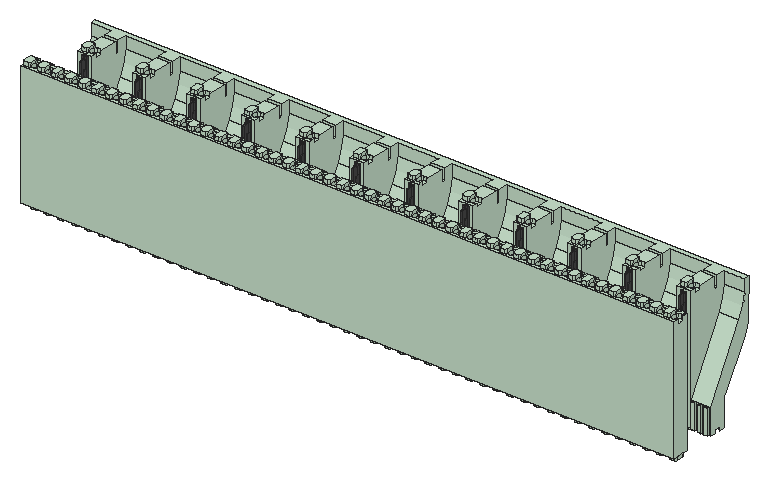
Revit family (continued)
Definition of nested family "NUDURA Logo Diamond"
  Lines and regions (mm)
    model lines
      curve 32: line (300.245, 0, 413.611) -> (291.265, 0, 404.63)
      curve 33: line (318.205, 0, 404.63) -> (309.225, 0, 413.611)
      curve 34: line (309.225, 0, 386.67) -> (318.205, 0, 395.65)
      curve 35: line (291.265, 0, 395.65) -> (300.245, 0, 386.67)
      curve 36: arc (289.468, 0, 406.426) -> (286.865, 0, 400.14) -> (289.468, 0, 393.854) r 8.89
      curve 37: arc (291.265, 0, 404.63) -> (289.405, 0, 400.14) -> (291.265, 0, 395.65) r 6.35
      curve 38: arc (318.205, 0, 404.63) -> (320.065, 0, 400.14) -> (318.205, 0, 395.65) r 6.35
      curve 39: arc (309.225, 0, 386.67) -> (304.735, 0, 384.81) -> (300.245, 0, 386.67) r 6.35
      curve 40: arc (300.245, 0, 413.611) -> (304.735, 0, 415.471) -> (309.225, 0, 413.611) r 6.35
      curve 41: arc (320.001, 0, 406.426) -> (322.605, 0, 400.14) -> (320.001, 0, 393.854) r 8.89
      curve 42: line (295.497, 0, 412.455) -> (289.468, 0, 406.426)
      curve 43: line (320.001, 0, 406.426) -> (313.973, 0, 412.455)
      curve 44: arc (295.497, 0, 387.825) -> (298.287, 0, 381.09) -> (295.497, 0, 374.355) r 9.525
      curve 45: arc (313.973, 0, 387.825) -> (311.183, 0, 381.09) -> (313.973, 0, 374.355) r 9.525
      curve 46: line (313.973, 0, 349.725) -> (320.001, 0, 355.754)
      curve 47: line (289.468, 0, 355.754) -> (295.497, 0, 349.725)
      curve 48: line (300.245, 0, 375.511) -> (291.265, 0, 366.53)
      curve 49: line (318.205, 0, 366.53) -> (309.225, 0, 375.511)
      curve 50: line (309.225, 0, 348.57) -> (318.205, 0, 357.55)
      curve 51: line (291.265, 0, 357.55) -> (300.245, 0, 348.57)
      curve 52: arc (289.468, 0, 368.326) -> (286.865, 0, 362.04) -> (289.468, 0, 355.754) r 8.89
      curve 53: arc (291.265, 0, 366.53) -> (289.405, 0, 362.04) -> (291.265, 0, 357.55) r 6.35
      curve 54: arc (318.205, 0, 366.53) -> (320.065, 0, 362.04) -> (318.205, 0, 357.55) r 6.35
      curve 55: arc (309.225, 0, 348.57) -> (304.735, 0, 346.71) -> (300.245, 0, 348.57) r 6.35
      curve 56: arc (300.245, 0, 375.511) -> (304.735, 0, 377.371) -> (309.225, 0, 375.511) r 6.35
      curve 57: arc (320.001, 0, 368.326) -> (322.605, 0, 362.04) -> (320.001, 0, 355.754) r 8.89
      curve 58: line (295.497, 0, 374.355) -> (289.468, 0, 368.326)
      curve 59: arc (295.497, 0, 349.725) -> (298.287, 0, 342.99) -> (295.497, 0, 336.255) r 9.525
      curve 60: arc (313.973, 0, 349.725) -> (311.183, 0, 342.99) -> (313.973, 0, 336.255) r 9.525
      curve 61: line (324.683, 0, 325.545) -> (313.973, 0, 336.255)
      curve 62: line (284.787, 0, 325.545) -> (286.583, 0, 323.749)
      curve 63: arc (300.245, 0, 337.411) -> (304.735, 0, 339.271) -> (309.225, 0, 337.411) r 6.35
      curve 64: line (320.001, 0, 12.854) -> (311.021, 0, 3.874)
      curve 65: line (313.973, 0, 31.455) -> (320.001, 0, 25.426)
      curve 66: line (320.001, 0, 50.954) -> (313.973, 0, 44.925)
      curve 67: line (313.973, 0, 69.555) -> (320.001, 0, 63.526)
      curve 68: line (320.001, 0, 89.054) -> (313.973, 0, 83.025)
      curve 69: line (313.973, 0, 107.655) -> (320.001, 0, 101.626)
      curve 70: line (309.225, 0, 119.97) -> (322.887, 0, 133.632)
      curve 71: line (322.887, 0, 133.632) -> (324.683, 0, 131.836)
      curve 72: line (286.583, 0, 133.632) -> (300.245, 0, 119.97)
      curve 73: line (295.497, 0, 121.125) -> (284.787, 0, 131.836)
      curve 74: line (289.468, 0, 101.626) -> (295.497, 0, 107.655)
      curve 75: line (295.497, 0, 83.025) -> (289.468, 0, 89.054)
      curve 76: line (289.468, 0, 63.526) -> (295.497, 0, 69.555)
      curve 77: line (295.497, 0, 44.925) -> (289.468, 0, 50.954)
      curve 78: line (289.468, 0, 25.426) -> (295.497, 0, 31.455)
      curve 79: line (298.449, 0, 3.874) -> (289.468, 0, 12.854)
      curve 80: line (300.245, 0, 5.67) -> (291.265, 0, 14.65)
      curve 81: line (318.205, 0, 14.65) -> (309.225, 0, 5.67)
      curve 82: line (309.225, 0, 32.611) -> (318.205, 0, 23.63)
      curve 83: line (291.265, 0, 23.63) -> (300.245, 0, 32.611)
      curve 84: arc (289.468, 0, 12.854) -> (286.865, 0, 19.14) -> (289.468, 0, 25.426) r 8.89
      curve 85: arc (298.449, 0, 3.874) -> (304.735, 0, 1.27) -> (311.021, 0, 3.874) r 8.89
      curve 86: arc (291.265, 0, 14.65) -> (289.405, 0, 19.14) -> (291.265, 0, 23.63) r 6.35
      curve 87: arc (318.205, 0, 14.65) -> (320.065, 0, 19.14) -> (318.205, 0, 23.63) r 6.35
      curve 88: arc (309.225, 0, 32.611) -> (304.735, 0, 34.471) -> (300.245, 0, 32.611) r 6.35
      curve 89: arc (300.245, 0, 5.67) -> (304.735, 0, 3.81) -> (309.225, 0, 5.67) r 6.35
      curve 90: arc (320.001, 0, 12.854) -> (322.605, 0, 19.14) -> (320.001, 0, 25.426) r 8.89
      curve 91: arc (295.497, 0, 31.455) -> (298.287, 0, 38.19) -> (295.497, 0, 44.925) r 9.525
      curve 92: arc (313.973, 0, 31.455) -> (311.183, 0, 38.19) -> (313.973, 0, 44.925) r 9.525
      curve 93: line (313.973, 0, 69.555) -> (320.001, 0, 63.526)
      curve 94: line (289.468, 0, 63.526) -> (295.497, 0, 69.555)
      curve 95: line (300.245, 0, 43.77) -> (291.265, 0, 52.75)
      curve 96: line (318.205, 0, 52.75) -> (309.225, 0, 43.77)
      curve 97: line (309.225, 0, 70.711) -> (318.205, 0, 61.73)
      curve 98: line (291.265, 0, 61.73) -> (300.245, 0, 70.711)
      curve 99: arc (289.468, 0, 50.954) -> (286.865, 0, 57.24) -> (289.468, 0, 63.526) r 8.89
      curve 100: arc (291.265, 0, 52.75) -> (289.405, 0, 57.24) -> (291.265, 0, 61.73) r 6.35
      curve 101: arc (318.205, 0, 52.75) -> (320.065, 0, 57.24) -> (318.205, 0, 61.73) r 6.35
      curve 102: arc (309.225, 0, 70.711) -> (304.735, 0, 72.571) -> (300.245, 0, 70.711) r 6.35
      curve 103: arc (300.245, 0, 43.77) -> (304.735, 0, 41.91) -> (309.225, 0, 43.77) r 6.35
      curve 104: arc (320.001, 0, 50.954) -> (322.605, 0, 57.24) -> (320.001, 0, 63.526) r 8.89
      curve 105: line (295.497, 0, 44.925) -> (289.468, 0, 50.954)
      curve 106: line (320.001, 0, 50.954) -> (313.973, 0, 44.925)
      curve 107: arc (295.497, 0, 69.555) -> (298.287, 0, 76.29) -> (295.497, 0, 83.025) r 9.525
      curve 108: arc (313.973, 0, 69.555) -> (311.183, 0, 76.29) -> (313.973, 0, 83.025) r 9.525
      curve 109: line (313.973, 0, 107.655) -> (320.001, 0, 101.626)
      curve 110: line (289.468, 0, 101.626) -> (295.497, 0, 107.655)
      curve 111: line (300.245, 0, 81.87) -> (291.265, 0, 90.85)
      curve 112: line (318.205, 0, 90.85) -> (309.225, 0, 81.87)
      curve 113: line (309.225, 0, 108.811) -> (318.205, 0, 99.83)
      curve 114: line (291.265, 0, 99.83) -> (300.245, 0, 108.811)
      curve 115: arc (289.468, 0, 89.054) -> (286.865, 0, 95.34) -> (289.468, 0, 101.626) r 8.89
      curve 116: arc (291.265, 0, 90.85) -> (289.405, 0, 95.34) -> (291.265, 0, 99.83) r 6.35
      curve 117: arc (318.205, 0, 90.85) -> (320.065, 0, 95.34) -> (318.205, 0, 99.83) r 6.35
      curve 118: arc (309.225, 0, 108.811) -> (304.735, 0, 110.671) -> (300.245, 0, 108.811) r 6.35
      curve 119: arc (300.245, 0, 81.87) -> (304.735, 0, 80.01) -> (309.225, 0, 81.87) r 6.35
      curve 120: arc (320.001, 0, 89.054) -> (322.605, 0, 95.34) -> (320.001, 0, 101.626) r 8.89
      curve 121: line (295.497, 0, 83.025) -> (289.468, 0, 89.054)
      curve 122: arc (295.497, 0, 107.655) -> (298.287, 0, 114.39) -> (295.497, 0, 121.125) r 9.525
      curve 123: arc (313.973, 0, 107.655) -> (311.183, 0, 114.39) -> (313.973, 0, 121.125) r 9.525
      curve 124: line (324.683, 0, 131.836) -> (313.973, 0, 121.125)
      curve 125: line (284.787, 0, 131.836) -> (286.583, 0, 133.632)
      curve 126: arc (300.245, 0, 119.97) -> (304.735, 0, 118.11) -> (309.225, 0, 119.97) r 6.35
      curve 127: line (314.26, 0, 317.59) -> (295.21, 0, 317.59)
      curve 128: line (323.785, 0, 149.315) -> (323.785, 0, 308.065)
      curve 129: line (285.685, 0, 308.065) -> (285.685, 0, 149.315)
      curve 130: line (295.21, 0, 139.79) -> (314.26, 0, 139.79)
      curve 131: line (316.797, 0, 304.89) -> (305.798, 0, 311.24)
      curve 132: line (316.797, 0, 292.19) -> (316.797, 0, 304.89)
      curve 133: line (311.298, 0, 289.015) -> (316.797, 0, 292.19)
      curve 134: line (305.373, 0, 292.436) -> (311.298, 0, 289.015)
      curve 135: line (310.447, 0, 295.365) -> (305.373, 0, 292.436)
      curve 136: line (299.874, 0, 307.82) -> (310.447, 0, 301.715)
      curve 137: line (310.447, 0, 301.715) -> (310.447, 0, 295.365)
      curve 138: line (305.798, 0, 311.24) -> (299.874, 0, 307.82)
      curve 139: line (299.023, 0, 295.611) -> (304.097, 0, 298.54)
      curve 140: line (304.097, 0, 298.54) -> (298.172, 0, 301.961)
      curve 141: line (298.172, 0, 301.961) -> (292.673, 0, 298.786)
      curve 142: line (292.673, 0, 298.786) -> (292.673, 0, 286.086)
      curve 143: line (299.023, 0, 289.261) -> (299.023, 0, 295.611)
      curve 144: line (309.596, 0, 283.156) -> (299.023, 0, 289.261)
      curve 145: line (303.671, 0, 279.736) -> (309.596, 0, 283.156)
      curve 146: line (292.673, 0, 286.086) -> (303.671, 0, 279.736)
      curve 147: line (312.702, 0, 269.344) -> (296.768, 0, 272.912)
      curve 148: line (296.768, 0, 272.912) -> (296.768, 0, 267.036)
      curve 149: line (296.768, 0, 267.036) -> (308.089, 0, 264.517)
      curve 150: line (308.089, 0, 264.517) -> (296.768, 0, 260.949)
      curve 151: line (296.768, 0, 260.949) -> (296.768, 0, 251.084)
      curve 152: line (296.768, 0, 251.084) -> (309.138, 0, 248.314)
      curve 153: line (309.138, 0, 248.314) -> (309.138, 0, 247.516)
      curve 154: line (309.138, 0, 247.516) -> (301.281, 0, 248.991)
      curve 155: line (296.768, 0, 245.246) -> (296.768, 0, 237.71)
      curve 156: line (306.598, 0, 222.094) -> (306.598, 0, 228.599)
      curve 157: line (306.598, 0, 228.599) -> (296.768, 0, 230.786)
      curve 158: line (296.768, 0, 230.786) -> (296.768, 0, 215.343)
      curve 159: line (302.723, 0, 230.274) -> (312.702, 0, 228.039)
      curve 160: line (300.341, 0, 217.291) -> (300.341, 0, 223.486)
      curve 161: line (300.341, 0, 223.486) -> (306.598, 0, 222.094)
      curve 162: line (296.768, 0, 205.027) -> (296.768, 0, 197.49)
      curve 163: line (302.723, 0, 190.055) -> (310.162, 0, 188.389)
      curve 164: line (310.162, 0, 188.389) -> (310.162, 0, 176.633)
      curve 165: line (308.892, 0, 175.363) -> (307.868, 0, 175.363)
      curve 166: line (306.598, 0, 176.633) -> (306.598, 0, 180.004)
      curve 167: line (306.598, 0, 180.004) -> (307.868, 0, 179.719)
      curve 168: line (307.868, 0, 179.719) -> (307.868, 0, 186.3)
      curve 169: line (307.868, 0, 186.3) -> (296.768, 0, 188.785)
      curve 170: line (296.768, 0, 188.785) -> (296.768, 0, 182.205)
      curve 171: line (296.768, 0, 182.205) -> (304.058, 0, 180.572)
      curve 172: line (304.058, 0, 180.572) -> (304.058, 0, 177.654)
      curve 173: line (302.788, 0, 176.384) -> (296.768, 0, 176.384)
      curve 174: line (296.768, 0, 176.384) -> (296.768, 0, 164.003)
      curve 175: line (296.768, 0, 164.003) -> (299.284, 0, 162.219)
      curve 176: line (299.284, 0, 162.219) -> (299.284, 0, 153.715)
      curve 177: line (307.942, 0, 156.079) -> (301.824, 0, 160.418)
      curve 178: line (301.824, 0, 160.418) -> (301.824, 0, 154.409)
      curve 179: line (301.824, 0, 154.409) -> (307.942, 0, 156.079)
      curve 180: line (299.284, 0, 153.715) -> (296.768, 0, 153.028)
      curve 181: line (296.768, 0, 153.028) -> (296.768, 0, 146.14)
      curve 182: line (296.768, 0, 146.14) -> (312.702, 0, 150.491)
      curve 183: line (312.702, 0, 150.491) -> (312.702, 0, 159.713)
      curve 184: line (312.702, 0, 159.713) -> (298.767, 0, 169.594)
      curve 185: line (298.767, 0, 169.594) -> (302.342, 0, 169.594)
      curve 186: line (312.702, 0, 172.383) -> (312.702, 0, 193.945)
      curve 187: line (312.702, 0, 193.945) -> (302.326, 0, 196.268)
      curve 188: line (300.341, 0, 198.747) -> (300.341, 0, 201.381)
      curve 189: line (301.888, 0, 202.62) -> (312.702, 0, 200.199)
      curve 190: line (312.702, 0, 200.199) -> (312.702, 0, 206.628)
      curve 191: line (312.702, 0, 206.628) -> (306.843, 0, 207.728)
      curve 192: line (312.702, 0, 212.942) -> (312.702, 0, 227.241)
      curve 193: line (312.702, 0, 227.241) -> (309.138, 0, 228.034)
      curve 194: line (309.138, 0, 228.034) -> (309.138, 0, 217.291)
      curve 195: line (312.702, 0, 228.039) -> (312.702, 0, 234.164)
      curve 196: line (312.702, 0, 234.164) -> (302.326, 0, 236.488)
      curve 197: line (300.341, 0, 238.966) -> (300.341, 0, 241.6)
      curve 198: line (301.736, 0, 242.874) -> (312.702, 0, 240.418)
      curve 199: line (312.702, 0, 240.418) -> (312.702, 0, 253.611)
      curve 200: line (312.702, 0, 253.611) -> (302.429, 0, 255.912)
      curve 201: line (302.429, 0, 255.912) -> (312.702, 0, 259.27)
      curve 202: line (312.702, 0, 259.27) -> (312.702, 0, 269.344)
      curve 203: arc (296.768, 0, 245.246) -> (298.145, 0, 248.178) -> (301.281, 0, 248.991) r 3.81
      curve 204: arc (296.768, 0, 237.71) -> (298.44, 0, 232.946) -> (302.723, 0, 230.274) r 7.62
      curve 205: arc (300.842, 0, 208.826) -> (297.87, 0, 211.5) -> (296.768, 0, 215.343) r 7.251
      curve 206: arc (296.768, 0, 205.027) -> (297.979, 0, 207.812) -> (300.842, 0, 208.826) r 3.808
      curve 207: arc (296.768, 0, 197.49) -> (298.44, 0, 192.727) -> (302.723, 0, 190.055) r 7.62
      curve 208: arc (300.341, 0, 198.747) -> (300.898, 0, 197.159) -> (302.326, 0, 196.268) r 2.54
      curve 209: arc (300.341, 0, 201.381) -> (300.817, 0, 202.372) -> (301.888, 0, 202.62) r 1.27
      curve 210: arc (307.868, 0, 175.363) -> (306.969, 0, 175.735) -> (306.598, 0, 176.633) r 1.27
      curve 211: arc (308.892, 0, 175.363) -> (309.79, 0, 175.735) -> (310.162, 0, 176.633) r 1.27
      curve 212: arc (304.058, 0, 177.654) -> (303.686, 0, 176.756) -> (302.788, 0, 176.384) r 1.27
      curve 213: arc (302.342, 0, 169.594) -> (303.976, 0, 170.198) -> (304.826, 0, 171.718) r 2.516
      curve 214: arc (304.826, 0, 171.718) -> (309.07, 0, 168.432) -> (312.702, 0, 172.383) r 3.966
      curve 215: arc (306.843, 0, 207.728) -> (310.942, 0, 209.02) -> (312.702, 0, 212.942) r 5.249
      curve 216: arc (300.341, 0, 217.291) -> (304.739, 0, 212.893) -> (309.138, 0, 217.291) r 4.398
      curve 217: arc (300.341, 0, 238.966) -> (300.898, 0, 237.378) -> (302.326, 0, 236.488) r 2.54
      curve 218: arc (300.341, 0, 241.6) -> (300.886, 0, 242.648) -> (302.057, 0, 242.802) r 1.279
      curve 219: arc (285.685, 0, 308.065) -> (288.475, 0, 314.8) -> (295.21, 0, 317.59) r 9.525
      curve 220: arc (314.26, 0, 317.59) -> (320.995, 0, 314.8) -> (323.785, 0, 308.065) r 9.525
      curve 221: arc (285.685, 0, 149.315) -> (288.475, 0, 142.58) -> (295.21, 0, 139.79) r 9.525
      curve 222: arc (314.26, 0, 139.79) -> (320.995, 0, 142.58) -> (323.785, 0, 149.315) r 9.525
      curve 223: line (253.935, 0, 457.2) -> (253.935, 0, 0)
      curve 224: line (355.535, 0, 457.2) -> (355.535, 0, 0)
      curve 225: line (406.335, 0, 457.2) -> (406.335, 0, 0)
Definition of nested family "NUDURA Brick Ledge Diamond Pattern"
  Reference planes
    plane 1 "Center (Front/Back)": y = 0
    plane 2: z = 0
    plane 3 "Center (Left/Right)": x = 0
    plane 4: z = 101.6
  Lines and regions (mm)
    model lines
      curve 1: line (203.2, -142.875, 101.6) -> (203.2, -142.875, 0)
      curve 2: line (152.4, -142.875, 101.6) -> (152.4, -142.875, 0)
      curve 3: line (50.8, -142.875, 101.6) -> (50.8, -142.875, 0)
      curve 4: arc (117.704, -142.875, 88.515) -> (120.494, -142.875, 95.25) -> (117.704, -142.875, 101.985) r 9.525
      curve 5: line (108.981, -142.875, 79.792) -> (117.704, -142.875, 88.515)
      curve 6: line (85.183, -142.875, 88.515) -> (93.906, -142.875, 79.792)
      curve 7: arc (85.183, -142.875, 101.985) -> (82.394, -142.875, 95.25) -> (85.183, -142.875, 88.515) r 9.525
      curve 8: arc (105.934, -142.875, 109.265) -> (101.444, -142.875, 111.125) -> (96.953, -142.875, 109.265) r 6.35
      curve 9: line (96.953, -142.875, 109.265) -> (87.428, -142.875, 99.74)
      curve 10: arc (87.428, -142.875, 99.74) -> (85.569, -142.875, 95.25) -> (87.428, -142.875, 90.76) r 6.35
      curve 11: line (87.428, -142.875, 90.76) -> (96.953, -142.875, 81.235)
      curve 12: arc (96.953, -142.875, 81.235) -> (101.444, -142.875, 79.375) -> (105.934, -142.875, 81.235) r 6.35
      curve 13: line (105.934, -142.875, 81.235) -> (115.459, -142.875, 90.76)
      curve 14: arc (115.459, -142.875, 90.76) -> (117.319, -142.875, 95.25) -> (115.459, -142.875, 99.74) r 6.35
      curve 15: line (115.459, -142.875, 99.74) -> (105.934, -142.875, 109.265)
      curve 16: arc (93.906, -142.875, 72.608) -> (95.394, -142.875, 76.2) -> (93.906, -142.875, 79.792) r 5.08
      curve 17: line (117.704, -142.875, 63.885) -> (108.981, -142.875, 72.608)
      curve 18: arc (117.704, -142.875, 50.415) -> (120.494, -142.875, 57.15) -> (117.704, -142.875, 63.885) r 9.525
      curve 19: line (108.981, -142.875, 41.692) -> (117.704, -142.875, 50.415)
      curve 20: line (85.183, -142.875, 50.415) -> (93.906, -142.875, 41.692)
      curve 21: arc (85.183, -142.875, 63.885) -> (82.394, -142.875, 57.15) -> (85.183, -142.875, 50.415) r 9.525
      curve 22: line (93.906, -142.875, 72.608) -> (85.183, -142.875, 63.885)
      curve 23: arc (105.934, -142.875, 71.165) -> (101.444, -142.875, 73.025) -> (96.953, -142.875, 71.165) r 6.35
      curve 24: line (96.953, -142.875, 71.165) -> (87.428, -142.875, 61.64)
      curve 25: arc (87.428, -142.875, 61.64) -> (85.569, -142.875, 57.15) -> (87.428, -142.875, 52.66) r 6.35
      curve 26: line (87.428, -142.875, 52.66) -> (96.953, -142.875, 43.135)
      curve 27: arc (96.953, -142.875, 43.135) -> (101.444, -142.875, 41.275) -> (105.934, -142.875, 43.135) r 6.35
      curve 28: line (105.934, -142.875, 43.135) -> (115.459, -142.875, 52.66)
      curve 29: arc (115.459, -142.875, 52.66) -> (117.319, -142.875, 57.15) -> (115.459, -142.875, 61.64) r 6.35
      curve 30: line (115.459, -142.875, 61.64) -> (105.934, -142.875, 71.165)
      curve 31: arc (93.906, -142.875, 34.508) -> (95.394, -142.875, 38.1) -> (93.906, -142.875, 41.692) r 5.08
      curve 32: line (93.906, -142.875, 34.508) -> (85.183, -142.875, 25.785)
      curve 33: arc (85.183, -142.875, 25.785) -> (82.394, -142.875, 19.05) -> (85.183, -142.875, 12.315) r 9.525
      curve 34: line (85.183, -142.875, 12.315) -> (94.708, -142.875, 2.79)
      curve 35: arc (94.708, -142.875, 2.79) -> (101.444, -142.875, 0) -> (108.179, -142.875, 2.79) r 9.525
      curve 36: line (108.179, -142.875, 2.79) -> (117.704, -142.875, 12.315)
      curve 37: arc (117.704, -142.875, 12.315) -> (120.494, -142.875, 19.05) -> (117.704, -142.875, 25.785) r 9.525
      curve 38: line (117.704, -142.875, 25.785) -> (108.981, -142.875, 34.508)
      curve 39: arc (108.981, -142.875, 41.692) -> (107.493, -142.875, 38.1) -> (108.981, -142.875, 34.508) r 5.08
      curve 40: arc (105.934, -142.875, 33.065) -> (101.444, -142.875, 34.925) -> (96.953, -142.875, 33.065) r 6.35
      curve 41: line (115.459, -142.875, 23.54) -> (105.934, -142.875, 33.065)
      curve 42: arc (115.459, -142.875, 14.56) -> (117.319, -142.875, 19.05) -> (115.459, -142.875, 23.54) r 6.35
      curve 43: line (105.934, -142.875, 5.035) -> (115.459, -142.875, 14.56)
      curve 44: arc (96.953, -142.875, 5.035) -> (101.444, -142.875, 3.175) -> (105.934, -142.875, 5.035) r 6.35
      curve 45: line (87.428, -142.875, 14.56) -> (96.953, -142.875, 5.035)
      curve 46: arc (87.428, -142.875, 23.54) -> (85.569, -142.875, 19.05) -> (87.428, -142.875, 14.56) r 6.35
      curve 47: line (96.953, -142.875, 33.065) -> (87.428, -142.875, 23.54)
      curve 48: arc (108.981, -142.875, 79.792) -> (107.493, -142.875, 76.2) -> (108.981, -142.875, 72.608) r 5.08
      curve 49: line (94.708, -142.875, 111.51) -> (85.183, -142.875, 101.985)
      curve 50: arc (108.179, -142.875, 111.51) -> (101.444, -142.875, 114.3) -> (94.708, -142.875, 111.51) r 9.525
      curve 51: line (117.704, -142.875, 101.985) -> (108.179, -142.875, 111.51)
